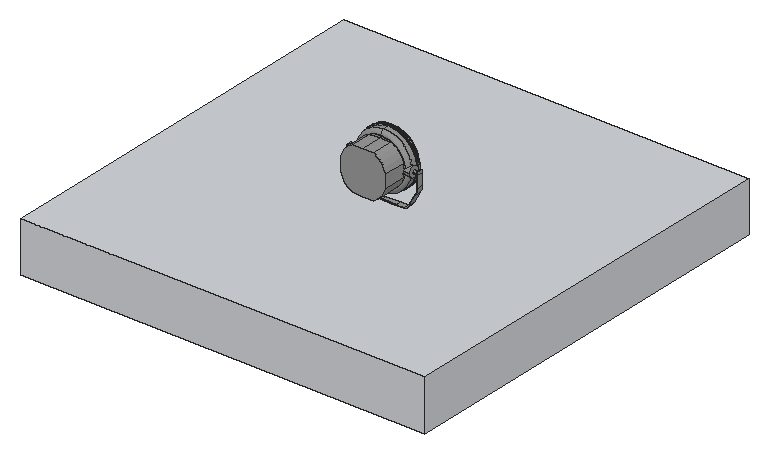
Revit family "L-banner 600 Sport", category Осветительные приборы, Revit 2017
Family settings
  Основа = Грань
  Размер круглого соединителя = Использовать диаметр
  Тип детали = Нормальный
  При загрузке вырезать с полостями = Нет
  Источник света = Да
  Общий = Нет
  Точка расчета площади = Нет
Parameters (values of type "L-banner 600-Г30-5.7K-SPORT")
  Wattage Comments = ""
  Wattage = 375.988 W
  built-in parameter 1150110 = 1 (stored number, unit not read)
  Комментарии к типоразмеру = "Прожекторы"
  built-in parameter 1114217 = 1 (stored number, unit not read)
  Tilt Angle = 90.00°
  built-in parameter 1150109 = 1 (stored number, unit not read)
  built-in parameter 1150134 = (empty or 0)
  built-in parameter 1150113 = 1 (stored number, unit not read)
  Файл фотометрической сетки = "L-banner 600-620-G30-5.7K-04-SPORT.ies"
  built-in parameter 1150142 = "IESNA:LM-63-1995\r\n[TEST]LEDEL\r\n[DATA]31.10.2017\r\n[MANUFAC]LEDEL\r\n[LUMCAT]L-banner 600/620/Г30/5.7К/04 SPORT\r\n[LUMINAIRE]Для внешней подсветки крупных объектов\r\n[LAMPCAT]LED\r\n[LAMP]OSRAM OSLON SQUARE\r\nTILT=NONE\r\n\r\n1 55850 52.23708 19 1 1 2 -0.4625 -0.426 0.238\r\n1 1 620\r\n\r\n0 5 10 15 20 25 30 35 40 45 50 55 60 65 70 75 80 85 90\r\n0\r\n\r\n2456.4 2310.91 1918.75 1362.88 687.14 315.07 175.93 135.5 114.35 103.3 91.9 76.86 64.99 52.3 42.31 33.73 26.09 16.22 9.52"
  built-in parameter 1150105 = 2456.4 (stored number, unit not read)
  Lumens = 55850 lm
  built-in parameter 1150115 = 1 (stored number, unit not read)
  built-in parameter 1150137 = (empty or 0)
  built-in parameter 1150139 = (empty or 0)
  built-in parameter 1150112 = 1 (stored number, unit not read)
  built-in parameter 1150114 = 1 (stored number, unit not read)
  Emit from Circle Diameter = 298 mm  # constant formula
  Изготовитель = "LEDEL"
  Артикул = "409012"
  L = 68.4 mm  # constant formula
  built-in parameter 1150132 = 2
  built-in parameter 1150102 = (empty or 0)
  built-in parameter 1150107 = 5700 (stored number, unit not read)
  built-in parameter 1150138 = (empty or 0)
  built-in parameter 1150106 = 24.564 (stored number, unit not read)
  Emit Shape Visible in Rendering = no
  built-in parameter 1150104 = 13.8 (stored number, unit not read)
  Dimming Lamp Color Temperature Shift = (empty or 0)
  Default Elevation = 1219.2 mm
  Color Filter = 16777215
  built-in parameter 1114218 = 1 (stored number, unit not read)
  built-in parameter 1150133 = 10 (stored number, unit not read)
  Apparent Load = 620 VA  # constant formula
Types (4, lengths in mm): name | Wattage | Файл фотометрической сетки | built-in parameter 1150142 | built-in parameter 1150105 | Lumens | Артикул | built-in parameter 1150106
  (no name) | 375.988 W | "L-banner 600-620-G30-5.7K-04-SPORT.ies" | "IESNA:LM-63-1995\r\n[TEST]LEDEL\r\n[DATA]31.10.2017\r\n[MANUFAC]LEDEL\r\n[LUMCAT]L-banner 600/620/Г30/5.7К/04 SPORT\r\n[LUMINAIRE]Для внешней подсветки крупных объектов\r\n[LAMPCAT]LED\r\n[LAMP]OSRAM OSLON SQUARE\r\nTILT=NONE\r\n\r\n1 55850 52.23708 19 1 1 2 -0.4625 -0.426 0.238\r\n1 1 620\r\n\r\n0 5 10 15 20 25 30 35 40 45 50 55 60 65 70 75 80 85 90\r\n0\r\n\r\n2456.4 2310.91 1918.75 1362.88 687.14 315.07 175.93 135.5 114.35 103.3 91.9 76.86 64.99 52.3 42.31 33.73 26.09 16.22 9.52" | 2456.4 (stored number, unit not read) | 55850 lm | "409012" | 24.564 (stored number, unit not read)
  L-banner 600-K15-5.7K-SPORT | 380.613 W | "L-banner 600-620-K15-5.7K-04-SPORT.ies" | "IESNA:LM-63-1995\r\n[TEST]LEDEL\r\n[DATA]31.10.2017\r\n[MANUFAC]LEDEL\r\n[LUMCAT]L-banner 600/620/К15/5.7К/04 SPORT\r\n[LUMINAIRE]Для внешней подсветки крупных объектов\r\n[LAMPCAT]LED\r\n[LAMP]OSRAM OSLON SQUARE\r\nTILT=NONE\r\n\r\n1 56537 56.401936 19 1 1 2 -0.4625 -0.426 0.238\r\n1 1 620\r\n\r\n0 5 10 15 20 25 30 35 40 45 50 55 60 65 70 75 80 85 90\r\n0\r\n\r\n4643.39 4009.32 2117.22 941.79 406.03 216.14 174.62 142.75 115.82 97.19 82.15 64.19 55.44 48.03 35.01 22.44 5.61 5.16 4.71" | 4499.1 (stored number, unit not read) | 56537 lm | "409011" | 44.991 (stored number, unit not read)
  L-banner 600-Г30-5.7K-SPORT | 375.988 W | "L-banner 600-620-G30-5.7K-04-SPORT.ies" | "IESNA:LM-63-1995\r\n[TEST]LEDEL\r\n[DATA]31.10.2017\r\n[MANUFAC]LEDEL\r\n[LUMCAT]L-banner 600/620/Г30/5.7К/04 SPORT\r\n[LUMINAIRE]Для внешней подсветки крупных объектов\r\n[LAMPCAT]LED\r\n[LAMP]OSRAM OSLON SQUARE\r\nTILT=NONE\r\n\r\n1 55850 52.23708 19 1 1 2 -0.4625 -0.426 0.238\r\n1 1 620\r\n\r\n0 5 10 15 20 25 30 35 40 45 50 55 60 65 70 75 80 85 90\r\n0\r\n\r\n2456.4 2310.91 1918.75 1362.88 687.14 315.07 175.93 135.5 114.35 103.3 91.9 76.86 64.99 52.3 42.31 33.73 26.09 16.22 9.52" | 2456.4 (stored number, unit not read) | 55850 lm | "409012" | 24.564 (stored number, unit not read)
  L-banner 600-Г60-5.7K-SPORT | 379.394 W | "L-banner 600-620-G60-5.7K-04-SPORT.ies" | "IESNA:LM-63-1995\r\n[TEST]LEDEL\r\n[DATA]22.10.2017\r\n[MANUFAC]LEDEL\r\n[LUMCAT]L-banner 600/620/Г60/5.7К/04 SPORT\r\n[LUMINAIRE]Для внешней подсветки крупных объектов\r\n[LAMPCAT]LED\r\n[LAMP]OSRAM OSLON SQUARE\r\nTILT=NONE\r\n\r\n1 56356 56.03265 19 1 1 2 -0.4625 -0.426 0.238\r\n1 1 620\r\n\r\n0 5 10 15 20 25 30 35 40 45 50 55 60 65 70 75 80 85 90\r\n0\r\n\r\n925.9 915.9 852.24 766.82 682.45 590.15 466.59 332.63 215.09 144.78 97.27 66.6 46.37 32.94 22.53 14.7 8.78 5.29 5.2" | 2478.7 (stored number, unit not read) | 56356 lm | "409013\r\n409011" | 24.787 (stored number, unit not read)
Reference planes
  plane 1 "Center (Front/Back)": y = 0
  plane 2: z = 0
  plane 3 "Center (Left/Right)": x = 0
  plane 4 "1": z = 209.6
Forms (mm)
  Extrusion 1, solid
    sketch origin (0, 0, 0) x (1, 0, 0) y (0, 1, 0)
      loop
        line (-1219.2, 1219.2) -> (-1219.2, -1219.2) -> (1219.2, -1219.2) -> (1219.2, 1219.2) -> (-1219.2, 1219.2)
    from 0 to -304.8
  Extrusion 2, solid, material "Алюминий"
    sketch origin (0, 0, 234.636) x (1, 0, 0) y (0, 0, -1)
      loop
        line (210, 25.936) -> (210, 11.936) -> (214.5, 11.936) -> (214.5, 25.936) -> (214.5, 98.132)
        arc (214.5, 98.132) -> (212.492, 117.865) -> (204.376, 135.963) r 62.214
        line (204.376, 135.963) -> (165.455, 206.179)
        arc (165.455, 206.179) -> (150.723, 223.782) -> (130.498, 234.636) r 60.548
        line (130.498, 234.636) -> (84.8, 234.636) -> (0, 234.636) -> (-84.8, 234.636) -> (-130.498, 234.636)
        arc (-130.498, 234.636) -> (-150.723, 223.782) -> (-165.455, 206.179) r 60.548
        line (-165.455, 206.179) -> (-204.376, 135.963)
        arc (-204.376, 135.963) -> (-212.492, 117.865) -> (-214.5, 98.132) r 62.214
        line (-214.5, 98.132) -> (-214.5, 25.936) -> (-214.5, 11.936) -> (-210, 11.936) -> (-210, 25.936) -> (-210, 98.266)
        arc (-210, 98.266) -> (-208.141, 116.72) -> (-200.524, 133.63) r 57.714
        line (-200.524, 133.63) -> (-161.519, 203.998)
        arc (-161.519, 203.998) -> (-148.142, 220.079) -> (-129.8, 230.136) r 56.048
        line (-129.8, 230.136) -> (-84.8, 230.136) -> (0, 230.136) -> (84.8, 230.136) -> (129.8, 230.136)
        arc (129.8, 230.136) -> (148.142, 220.079) -> (161.519, 203.998) r 56.048
        line (161.519, 203.998) -> (200.524, 133.63)
        arc (200.524, 133.63) -> (208.141, 116.72) -> (210, 98.266) r 57.714
        line (210, 98.266) -> (210, 25.936)
    from -15 to 15
  Extrusion 3, solid, material "Алюминий"
    sketch origin (0, 0, 235.536) x (0, -1, 0) y (0, 0, -1)
      loop
        circle (0, 25.936) r 30
    from -178.3 to 178.3
  Extrusion 4, solid, material "Алюминий"
    sketch origin (0, 0, 235.536) x (0, -1, 0) y (0, 0, -1)
      loop
        circle (0, 25.936) r 9.5
    from -212.1 to 212.1
  Revolve 5, solid, material "Алюминий"
    sketch origin (0, 0, 209.6) x (0, 1, 0) y (0, 0, 1)
      loop
        line (68.4, -156) -> (68.4, -149) -> (63.4, -149) -> (63.4, 0) -> (-24.637, 0) -> (-24.637, -142.866) -> (-23.545, -142.866)
        arc (-23.545, -142.866) -> (-16.662, -159.483) -> (-0.045, -166.366) r 23.5
        line (-0.045, -166.366) -> (32.436, -167.501)
        arc (32.436, -167.501) -> (33.118, -167.783) -> (33.4, -168.465) r 0.965
        arc (33.4, -168.465) -> (33.693, -169.172) -> (34.4, -169.465) r 1
        line (34.4, -169.465) -> (35.4, -169.5)
        arc (35.4, -169.5) -> (36.107, -169.793) -> (36.4, -170.5) r 1
        arc (36.4, -170.5) -> (36.693, -171.207) -> (37.4, -171.5) r 1
        line (37.4, -171.5) -> (42.4, -171.675) -> (42.4, -172.5) -> (49.4, -172.5)
        arc (49.4, -172.5) -> (58.596, -163.9) -> (68.4, -156) r 171.162
      axis (-24.637, 0) -> (68.4, 0)
    angle from 0 to 360
  Extrusion 6, solid, material "Алюминий"
    sketch origin (0, -24.637, 209.6) x (-1, 0, 0) y (0, 0, -1)
      loop
        arc (-137.3, -39.49) -> (-109.916, -91.265) -> (-64.058, -127.7) r 142.866
        line (-64.058, -127.7) -> (0, -127.7) -> (64.058, -127.7)
        arc (64.058, -127.7) -> (109.916, -91.265) -> (137.3, -39.49) r 142.866
        line (137.3, -39.49) -> (137.3, 39.49)
        arc (137.3, 39.49) -> (109.916, 91.265) -> (64.058, 127.7) r 142.866
        line (64.058, 127.7) -> (0, 127.7) -> (-64.058, 127.7)
        arc (-64.058, 127.7) -> (-109.916, 91.265) -> (-137.3, 39.49) r 142.866
        line (-137.3, 39.49) -> (-137.3, -39.49)
    from 0 to 134
Lines and regions (mm)
  reference lines
    curve 1: line (0, 0, 209.6) -> (0, 68.4, 209.6)
Dimensions and locks
  plane 2 to Extrusion 2 to plane 4 "1" = 0 mm, 209.6 mm
  "L": curve 1 to curve 1
  "Tilt Angle": angle plane 1 "Center (Front/Back)" to curve 1
  aligned and locked: plane 2 to Extrusion 1
  aligned and locked: level to Extrusion 1
  aligned and locked: plane 4 "1" to curve 1
  aligned and locked: plane 1 "Center (Front/Back)" to curve 1
  aligned and locked: imposter light to curve 1  (x2)
Automatic sketch dimensions
  Extrusion 1 sketch curve to Extrusion 1 sketch curve = 2438.4 mm  (x2)
  Extrusion 2 sketch curve to Extrusion 2 sketch curve = 0 mm  (x13)
  Extrusion 2 sketch curve to plane 3 "Center (Left/Right)" = 0 mm  (x2)
  Extrusion 2 sketch curve to Extrusion 2 sketch curve = 84.8 mm
  Extrusion 2 sketch curve to Extrusion 2 sketch curve = 27.699 mm  (x2)
  Extrusion 2 sketch curve to Extrusion 2 sketch curve = 45 mm  (x2)
  Extrusion 2 sketch curve to Extrusion 2 sketch curve = 0.698 mm  (x2)
  Extrusion 2 sketch curve to Extrusion 2 sketch curve = 39.894 mm  (x2)
  Extrusion 2 sketch curve to Extrusion 2 sketch curve = 31.719 mm  (x2)
  Extrusion 2 sketch curve to Extrusion 2 sketch curve = 3.936 mm  (x2)
  Extrusion 2 sketch curve to Extrusion 2 sketch curve = 48.131 mm  (x2)
  Extrusion 2 sketch curve to Extrusion 2 sketch curve = 3.852 mm  (x2)
  Extrusion 2 sketch curve to Extrusion 2 sketch curve = 57.607 mm  (x2)
  Extrusion 2 sketch curve to Extrusion 2 sketch curve = 4.5 mm  (x2)
  plane 3 "Center (Left/Right)" to Extrusion 2 sketch curve = 84.8 mm
  plane 4 "1" to Extrusion 2 sketch curve = 13.1 mm
  Extrusion 2 sketch curve to Extrusion 2 sketch curve = 14 mm  (x2)
  Extrusion 2 sketch curve to Extrusion 2 sketch curve = 72.196 mm  (x2)
  Extrusion 2 sketch curve to Extrusion 2 sketch curve = 0.135 mm  (x2)
  Extrusion 2 sketch curve to Extrusion 2 sketch curve = 3.516 mm  (x2)
  Extrusion 2 sketch curve to Extrusion 2 sketch curve = 75.043 mm  (x2)
  Extrusion 2 sketch curve to Extrusion 2 sketch curve = 27.172 mm
  Extrusion 2 sketch curve to Extrusion 2 sketch curve = 2.182 mm
  plane 1 "Center (Front/Back)" to Extrusion 3 sketch curve = 0 mm
  plane 4 "1" to Extrusion 3 sketch curve = 0 mm
  plane 1 "Center (Front/Back)" to Extrusion 4 sketch curve = 0 mm
  plane 4 "1" to Extrusion 4 sketch curve = 0 mm
  curve 1 to Revolve 5 sketch curve = 0 mm
  Revolve 5 sketch curve to curve 1 = 0 mm
  Revolve 5 sketch curve to curve 1 = 156 mm
  Revolve 5 sketch curve to curve 1 = 149 mm
  Revolve 5 sketch curve to Revolve 5 sketch curve = 5 mm  (x2)
  Revolve 5 sketch curve to curve 1 = 19 mm
  Revolve 5 sketch curve to Revolve 5 sketch curve = 7 mm
  Revolve 5 sketch curve to Revolve 5 sketch curve = 2 mm
  Revolve 5 sketch curve to Revolve 5 sketch curve = 1 mm  (x4)
  Revolve 5 sketch curve to Revolve 5 sketch curve = 1.965 mm
  Revolve 5 sketch curve to curve 1 = 0.045 mm
  Revolve 5 sketch curve to Revolve 5 sketch curve = 23.5 mm
  Revolve 5 sketch curve to curve 1 = 24.637 mm
  curve 1 to Revolve 5 sketch curve = 102.425 mm
  Revolve 5 sketch curve to curve 1 = 166.366 mm
  Revolve 5 sketch curve to curve 1 = 167.501 mm
  Revolve 5 sketch curve to Revolve 5 sketch curve = 0.965 mm
  Revolve 5 sketch curve to Revolve 5 sketch curve = 0.035 mm
  Revolve 5 sketch curve to Revolve 5 sketch curve = 0.175 mm
  Revolve 5 sketch curve to Revolve 5 sketch curve = 0.825 mm
  Extrusion 6 sketch curve to Extrusion 6 sketch curve = 0 mm  (x12)
  Revolve 5 to Extrusion 6 sketch curve = 137.3 mm
  Extrusion 6 sketch curve to Extrusion 6 sketch curve = 73.242 mm  (x2)
  Extrusion 6 sketch curve to Extrusion 6 sketch curve = 64.058 mm  (x5)
  Extrusion 6 sketch curve to Revolve 5 = 137.3 mm
  Extrusion 6 sketch curve to Extrusion 6 sketch curve = 88.21 mm
  Extrusion 6 sketch curve to Extrusion 6 sketch curve = 78.981 mm
  radius of Extrusion 3 sketch curve = 30 mm
  radius of Extrusion 4 sketch curve = 9.5 mm
Connectors
  electrical at (0, 0, 0)
    settings: on Extrusion 1, index 1, voltage 230 V, apparent load 0 VA, apparent load phase1 600 VA, apparent load phase2 0 VA, apparent load phase3 0 VA, power factor 1, load classification "Прочее", number of poles 1, system type 30, power factor state 1, is connector primary yes, connector utility no, sub classification motor no, connector description ""
